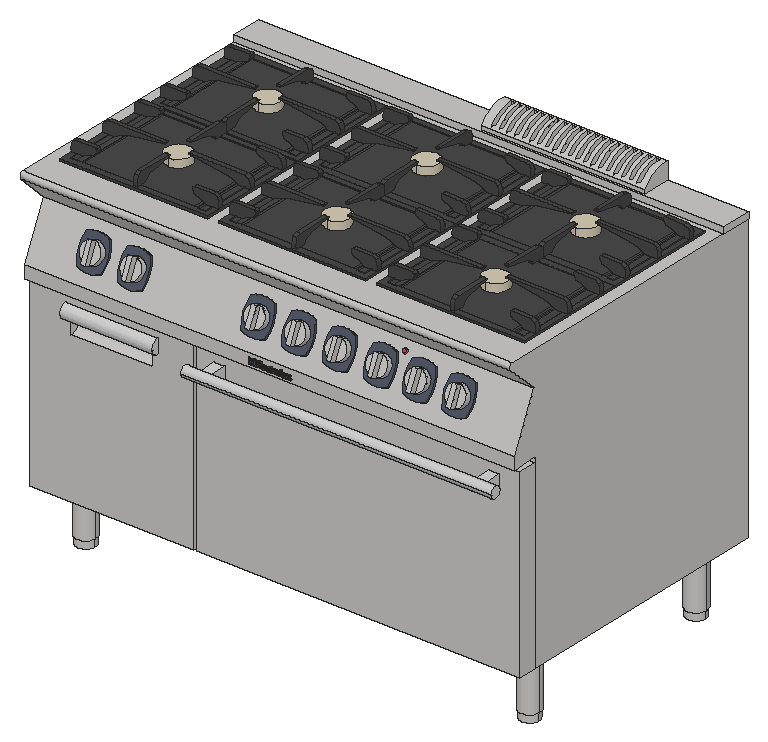
Revit family "QF_ELECTROLUXPROFESSIONAL_371172_E7GCGL6C2A", category Specialty Equipment, Revit 2018 (continued)
Automatic sketch dimensions
  Extrusion 44 sketch curve to Extrusion 44 sketch curve = 0.597 mm
  Extrusion 44 sketch curve to Extrusion 44 sketch curve = 0.544 mm
  Extrusion 44 sketch curve to Extrusion 44 sketch curve = 0.936 mm
  Extrusion 44 sketch curve to Extrusion 44 sketch curve = 0.594 mm
  Extrusion 44 sketch curve to Extrusion 44 sketch curve = 0.343 mm
  Extrusion 44 sketch curve to Extrusion 44 sketch curve = 0.159 mm
  Extrusion 44 sketch curve to Extrusion 44 sketch curve = 0.826 mm
  Extrusion 44 sketch curve to Extrusion 44 sketch curve = 0.839 mm
  Extrusion 44 sketch curve to Extrusion 44 sketch curve = 0.852 mm
  Extrusion 44 sketch curve to Extrusion 44 sketch curve = 0.887 mm
  Extrusion 44 sketch curve to Extrusion 44 sketch curve = 0.928 mm
  Extrusion 44 sketch curve to Extrusion 44 sketch curve = 0.938 mm
  Extrusion 44 sketch curve to Extrusion 44 sketch curve = 0.444 mm
  Extrusion 44 sketch curve to Extrusion 44 sketch curve = 1.11 mm  (x3)
  plane 7 "Center Y" to Extrusion 44 sketch curve = 43.726 mm
  Extrusion 44 sketch curve to Extrusion 44 sketch curve = 0.215 mm
  plane 7 "Center Y" to Extrusion 44 sketch curve = 0.332 mm
  Extrusion 44 sketch curve to Extrusion 44 sketch curve = 1.43 mm
  Extrusion 44 sketch curve to Extrusion 44 sketch curve = 1.188 mm
  Extrusion 44 sketch curve to Extrusion 44 sketch curve = 1.21 mm  (x2)
  Extrusion 44 sketch curve to Extrusion 44 sketch curve = 0.503 mm
  plane 7 "Center Y" to Extrusion 44 sketch curve = 48.995 mm
  Extrusion 44 sketch curve to Extrusion 44 sketch curve = 0.488 mm
  plane 7 "Center Y" to Extrusion 44 sketch curve = 52.922 mm
  Extrusion 44 sketch curve to Extrusion 44 sketch curve = 0.462 mm
  Extrusion 44 sketch curve to Extrusion 44 sketch curve = 1.386 mm
  Extrusion 44 sketch curve to Extrusion 44 sketch curve = 1.742 mm
  Extrusion 44 sketch curve to Extrusion 44 sketch curve = 0.821 mm
  Extrusion 44 sketch curve to Extrusion 44 sketch curve = 0.497 mm
  Extrusion 44 sketch curve to Extrusion 44 sketch curve = 0.539 mm
  Extrusion 44 sketch curve to Extrusion 44 sketch curve = 0.686 mm
  Extrusion 44 sketch curve to plane 7 "Center Y" = 0.042 mm
  Extrusion 44 sketch curve to Extrusion 44 sketch curve = 0.408 mm
  Extrusion 44 sketch curve to Extrusion 44 sketch curve = 0.743 mm
  Extrusion 44 sketch curve to Extrusion 44 sketch curve = 1.16 mm
  Extrusion 44 sketch curve to Extrusion 44 sketch curve = 0.329 mm
  Extrusion 44 sketch curve to Extrusion 44 sketch curve = 1.054 mm
  Extrusion 44 sketch curve to Extrusion 44 sketch curve = 1.056 mm
  Extrusion 44 sketch curve to Extrusion 44 sketch curve = 0.129 mm
  Extrusion 44 sketch curve to Extrusion 44 sketch curve = 0.489 mm
  Extrusion 44 sketch curve to plane 7 "Center Y" = 0.376 mm
  Extrusion 44 sketch curve to Extrusion 44 sketch curve = 0.441 mm
  Extrusion 44 sketch curve to Extrusion 44 sketch curve = 1.151 mm
  Extrusion 44 sketch curve to Extrusion 44 sketch curve = 1.141 mm  (x2)
  Extrusion 44 sketch curve to Extrusion 44 sketch curve = 0.768 mm
  Extrusion 44 sketch curve to Extrusion 44 sketch curve = 1.653 mm
  Extrusion 44 sketch curve to Extrusion 44 sketch curve = 0.499 mm
  Extrusion 44 sketch curve to Extrusion 44 sketch curve = 0.964 mm
  Extrusion 44 sketch curve to Extrusion 44 sketch curve = 0.949 mm
  Extrusion 44 sketch curve to Extrusion 44 sketch curve = 1.345 mm  (x3)
  Extrusion 44 sketch curve to Extrusion 44 sketch curve = 1.101 mm
  Extrusion 44 sketch curve to Extrusion 44 sketch curve = 0.432 mm
  Extrusion 44 sketch curve to Extrusion 44 sketch curve = 1.142 mm
  Extrusion 44 sketch curve to Extrusion 44 sketch curve = 0.959 mm
  Extrusion 44 sketch curve to Extrusion 44 sketch curve = 0.176 mm
  Extrusion 44 sketch curve to Extrusion 44 sketch curve = 0.728 mm
  Extrusion 44 sketch curve to Extrusion 44 sketch curve = 3.375 mm  (x2)
  Extrusion 44 sketch curve to Extrusion 44 sketch curve = 0.541 mm
  Extrusion 44 sketch curve to Extrusion 44 sketch curve = 0.955 mm
  Extrusion 44 sketch curve to Extrusion 44 sketch curve = 1.251 mm
  Extrusion 44 sketch curve to Extrusion 44 sketch curve = 0.572 mm
  plane 7 "Center Y" to Extrusion 44 sketch curve = 47.619 mm
  Extrusion 44 sketch curve to Extrusion 44 sketch curve = 1.92 mm
  Extrusion 44 sketch curve to Extrusion 44 sketch curve = 1.224 mm
  Extrusion 44 sketch curve to Extrusion 44 sketch curve = 0.745 mm
  Extrusion 44 sketch curve to Extrusion 44 sketch curve = 0.036 mm
  Extrusion 44 sketch curve to Extrusion 44 sketch curve = 0.896 mm  (x3)
  Extrusion 44 sketch curve to Extrusion 44 sketch curve = 2.607 mm
  Extrusion 44 sketch curve to Extrusion 44 sketch curve = 0.066 mm
  Extrusion 44 sketch curve to Extrusion 44 sketch curve = 0.248 mm
  Extrusion 44 sketch curve to Extrusion 44 sketch curve = 0.449 mm
  plane 7 "Center Y" to Extrusion 44 sketch curve = 46.838 mm
  Extrusion 44 sketch curve to Extrusion 44 sketch curve = 1.052 mm
  Extrusion 44 sketch curve to Extrusion 44 sketch curve = 1.863 mm
  Extrusion 44 sketch curve to Extrusion 44 sketch curve = 1.31 mm  (x2)
  Extrusion 44 sketch curve to Extrusion 44 sketch curve = 0.901 mm
  Extrusion 44 sketch curve to Extrusion 44 sketch curve = 1.107 mm
  Extrusion 44 sketch curve to Extrusion 44 sketch curve = 2.122 mm
  Extrusion 44 sketch curve to Extrusion 44 sketch curve = 2.101 mm
  Extrusion 44 sketch curve to Extrusion 44 sketch curve = 0.106 mm
  Extrusion 44 sketch curve to Extrusion 44 sketch curve = 0.029 mm
  plane 7 "Center Y" to Extrusion 44 sketch curve = 49.641 mm
  Extrusion 44 sketch curve to Extrusion 44 sketch curve = 2.09 mm
  Extrusion 44 sketch curve to Extrusion 44 sketch curve = 1.279 mm
  Extrusion 44 sketch curve to Extrusion 44 sketch curve = 2.008 mm
  Extrusion 44 sketch curve to Extrusion 44 sketch curve = 0.738 mm
  Extrusion 44 sketch curve to Extrusion 44 sketch curve = 0.382 mm
  Extrusion 44 sketch curve to Extrusion 44 sketch curve = 0.384 mm
  Extrusion 44 sketch curve to Extrusion 44 sketch curve = 0.002 mm
  Extrusion 44 sketch curve to Extrusion 44 sketch curve = 0.561 mm
  Extrusion 44 sketch curve to Extrusion 44 sketch curve = 0.592 mm
  Extrusion 44 sketch curve to Extrusion 44 sketch curve = 2.692 mm
  Extrusion 44 sketch curve to Extrusion 44 sketch curve = 1.259 mm
  plane 7 "Center Y" to Extrusion 44 sketch curve = 48.858 mm
  Extrusion 44 sketch curve to Extrusion 44 sketch curve = 0.802 mm
  Extrusion 44 sketch curve to Extrusion 44 sketch curve = 1.024 mm
  Extrusion 44 sketch curve to Extrusion 44 sketch curve = 0.682 mm
  Extrusion 44 sketch curve to Extrusion 44 sketch curve = 5.934 mm
  Extrusion 44 sketch curve to Extrusion 44 sketch curve = 2.186 mm
  Extrusion 44 sketch curve to Extrusion 44 sketch curve = 0.337 mm
  Extrusion 44 sketch curve to Extrusion 44 sketch curve = 0.021 mm
  Extrusion 44 sketch curve to Extrusion 44 sketch curve = 1.005 mm
  Extrusion 44 sketch curve to Extrusion 44 sketch curve = 0.552 mm
  Extrusion 44 sketch curve to Extrusion 44 sketch curve = 0.778 mm
  Extrusion 44 sketch curve to Extrusion 44 sketch curve = 0.063 mm
  Extrusion 44 sketch curve to Extrusion 44 sketch curve = 1.023 mm
  Extrusion 44 sketch curve to Extrusion 44 sketch curve = 3.804 mm
  Extrusion 44 sketch curve to Extrusion 44 sketch curve = 0.486 mm
  Extrusion 44 sketch curve to Extrusion 44 sketch curve = 0.266 mm
  Extrusion 44 sketch curve to plane 7 "Center Y" = 0.787 mm
  Extrusion 44 sketch curve to Extrusion 44 sketch curve = 1.547 mm
  Extrusion 44 sketch curve to Extrusion 44 sketch curve = 0.717 mm  (x2)
  Extrusion 44 sketch curve to Extrusion 44 sketch curve = 1.667 mm
  plane 7 "Center Y" to Extrusion 44 sketch curve = 44.532 mm
  Extrusion 44 sketch curve to Extrusion 44 sketch curve = 3.174 mm
  plane 7 "Center Y" to Extrusion 44 sketch curve = 0.368 mm
  Extrusion 44 sketch curve to Extrusion 44 sketch curve = 0.388 mm
  Extrusion 44 sketch curve to Extrusion 44 sketch curve = 1.342 mm
  plane 7 "Center Y" to Extrusion 44 sketch curve = 50.135 mm
  Extrusion 44 sketch curve to Extrusion 44 sketch curve = 1.521 mm
  plane 7 "Center Y" to Extrusion 44 sketch curve = 51.694 mm
  Extrusion 44 sketch curve to Extrusion 44 sketch curve = 0.124 mm
  Extrusion 44 sketch curve to Extrusion 44 sketch curve = 0.291 mm
  plane 7 "Center Y" to Extrusion 44 sketch curve = 7.285 mm
  Extrusion 44 sketch curve to Extrusion 44 sketch curve = 1.049 mm  (x2)
  plane 7 "Center Y" to Extrusion 44 sketch curve = 47.668 mm
  Extrusion 44 sketch curve to Extrusion 44 sketch curve = 1.7 mm
  Extrusion 44 sketch curve to Extrusion 44 sketch curve = 0.894 mm
  Extrusion 44 sketch curve to Extrusion 44 sketch curve = 0.989 mm
  Extrusion 44 sketch curve to Extrusion 44 sketch curve = 1.168 mm
  Extrusion 44 sketch curve to Extrusion 44 sketch curve = 1.594 mm
  Extrusion 44 sketch curve to Extrusion 44 sketch curve = 0.731 mm
  Extrusion 44 sketch curve to Extrusion 44 sketch curve = 1.566 mm
  Extrusion 44 sketch curve to Extrusion 44 sketch curve = 0.064 mm
  plane 7 "Center Y" to Extrusion 44 sketch curve = 7.842 mm
  Extrusion 44 sketch curve to Extrusion 44 sketch curve = 0.556 mm
  Extrusion 44 sketch curve to Extrusion 44 sketch curve = 0.48 mm
  Extrusion 44 sketch curve to Extrusion 44 sketch curve = 0.228 mm
  Extrusion 44 sketch curve to Extrusion 44 sketch curve = 1.018 mm
  plane 7 "Center Y" to Extrusion 44 sketch curve = 37.429 mm
  Extrusion 44 sketch curve to Extrusion 44 sketch curve = 0.787 mm
  Extrusion 44 sketch curve to Extrusion 44 sketch curve = 0.618 mm
  plane 7 "Center Y" to Extrusion 44 sketch curve = 42.486 mm
  Extrusion 44 sketch curve to Extrusion 44 sketch curve = 1.672 mm
  plane 7 "Center Y" to Extrusion 44 sketch curve = 53.436 mm
  Extrusion 44 sketch curve to Extrusion 44 sketch curve = 1.361 mm
  Extrusion 44 sketch curve to Extrusion 44 sketch curve = 0.822 mm
  Extrusion 44 sketch curve to Extrusion 44 sketch curve = 0.069 mm
  Extrusion 44 sketch curve to Extrusion 44 sketch curve = 1.88 mm
  plane 7 "Center Y" to Extrusion 44 sketch curve = 35.269 mm
  Extrusion 44 sketch curve to Extrusion 44 sketch curve = 0.42 mm
  Extrusion 44 sketch curve to Extrusion 44 sketch curve = 0.062 mm
  Extrusion 44 sketch curve to Extrusion 44 sketch curve = 1.355 mm
  Extrusion 44 sketch curve to Extrusion 44 sketch curve = 2.34 mm
  Extrusion 44 sketch curve to Extrusion 44 sketch curve = 0.493 mm
  Extrusion 44 sketch curve to Extrusion 44 sketch curve = 0.136 mm
  Extrusion 44 sketch curve to Extrusion 44 sketch curve = 0.128 mm
  Extrusion 44 sketch curve to Extrusion 44 sketch curve = 3.616 mm
  Extrusion 44 sketch curve to Extrusion 44 sketch curve = 4.207 mm
  Extrusion 44 sketch curve to Extrusion 44 sketch curve = 0.183 mm
  Extrusion 44 sketch curve to Extrusion 44 sketch curve = 0.895 mm
  Extrusion 44 sketch curve to Extrusion 44 sketch curve = 1.314 mm
  Extrusion 44 sketch curve to Extrusion 44 sketch curve = 3.231 mm
  Extrusion 44 sketch curve to plane 7 "Center Y" = 23.526 mm
  Extrusion 44 sketch curve to Extrusion 44 sketch curve = 1.299 mm
  Extrusion 44 sketch curve to Extrusion 44 sketch curve = 1.214 mm
  plane 7 "Center Y" to Extrusion 44 sketch curve = 26.369 mm
  Extrusion 44 sketch curve to Extrusion 44 sketch curve = 1.264 mm
  Extrusion 44 sketch curve to Extrusion 44 sketch curve = 0.109 mm
  Extrusion 44 sketch curve to Extrusion 44 sketch curve = 0.357 mm
  Extrusion 44 sketch curve to Extrusion 44 sketch curve = 0.565 mm
  Extrusion 44 sketch curve to Extrusion 44 sketch curve = 2.504 mm
  Extrusion 44 sketch curve to Extrusion 44 sketch curve = 2.459 mm
  Extrusion 44 sketch curve to Extrusion 44 sketch curve = 0.983 mm
  Extrusion 44 sketch curve to Extrusion 44 sketch curve = 0.422 mm  (x2)
  Extrusion 44 sketch curve to Extrusion 44 sketch curve = 1.268 mm
  Extrusion 44 sketch curve to Extrusion 44 sketch curve = 0.671 mm
  Extrusion 44 sketch curve to Extrusion 44 sketch curve = 1.634 mm
  Extrusion 44 sketch curve to Extrusion 44 sketch curve = 0.132 mm
  Extrusion 44 sketch curve to Extrusion 44 sketch curve = 0.586 mm
  Extrusion 44 sketch curve to Extrusion 44 sketch curve = 1.241 mm
  Extrusion 44 sketch curve to Extrusion 44 sketch curve = 1.689 mm
  Extrusion 44 sketch curve to Extrusion 44 sketch curve = 0.627 mm
  Extrusion 44 sketch curve to Extrusion 44 sketch curve = 0.419 mm
  Extrusion 44 sketch curve to Extrusion 44 sketch curve = 1.514 mm
  Extrusion 44 sketch curve to Extrusion 44 sketch curve = 1.019 mm
  Extrusion 44 sketch curve to Extrusion 44 sketch curve = 0.065 mm
  Extrusion 44 sketch curve to Extrusion 44 sketch curve = 1.215 mm
  Extrusion 44 sketch curve to Extrusion 44 sketch curve = 1.122 mm
  Extrusion 44 sketch curve to Extrusion 44 sketch curve = 1.153 mm
  Extrusion 44 sketch curve to Extrusion 44 sketch curve = 1.223 mm
  Extrusion 44 sketch curve to Extrusion 44 sketch curve = 0.934 mm
  Extrusion 44 sketch curve to Extrusion 44 sketch curve = 3.376 mm
  Extrusion 44 sketch curve to Extrusion 44 sketch curve = 0.222 mm
  Extrusion 44 sketch curve to Extrusion 44 sketch curve = 1.383 mm
  Extrusion 44 sketch curve to Extrusion 44 sketch curve = 1.556 mm
  Extrusion 44 sketch curve to Extrusion 44 sketch curve = 2.559 mm
  Extrusion 44 sketch curve to Extrusion 44 sketch curve = 2.51 mm
  Extrusion 44 sketch curve to Extrusion 44 sketch curve = 0.131 mm
  Extrusion 44 sketch curve to Extrusion 44 sketch curve = 1.134 mm
  Extrusion 44 sketch curve to Extrusion 44 sketch curve = 0.094 mm
  Extrusion 44 sketch curve to Extrusion 44 sketch curve = 1.584 mm
  Extrusion 44 sketch curve to Extrusion 44 sketch curve = 0.27 mm
  Extrusion 44 sketch curve to Extrusion 44 sketch curve = 0.916 mm
  Extrusion 44 sketch curve to Extrusion 44 sketch curve = 0.352 mm
  Extrusion 44 sketch curve to Extrusion 44 sketch curve = 0.458 mm
  Extrusion 44 sketch curve to Extrusion 44 sketch curve = 1.282 mm
  Extrusion 44 sketch curve to Extrusion 44 sketch curve = 1.363 mm
  Extrusion 44 sketch curve to Extrusion 44 sketch curve = 0.685 mm
  Extrusion 44 sketch curve to Extrusion 44 sketch curve = 0.905 mm
  Extrusion 44 sketch curve to Extrusion 44 sketch curve = 1.477 mm
  Extrusion 44 sketch curve to Extrusion 44 sketch curve = 0.472 mm
  Extrusion 44 sketch curve to Extrusion 44 sketch curve = 0.101 mm
  Extrusion 44 sketch curve to Extrusion 44 sketch curve = 0.54 mm
  Extrusion 44 sketch curve to Extrusion 44 sketch curve = 0.02 mm
  Extrusion 44 sketch curve to Extrusion 44 sketch curve = 0.829 mm
  Extrusion 44 sketch curve to Extrusion 44 sketch curve = 0.582 mm
  Extrusion 44 sketch curve to Extrusion 44 sketch curve = 0.166 mm
  Extrusion 44 sketch curve to Extrusion 44 sketch curve = 0.16 mm
  Extrusion 44 sketch curve to Extrusion 44 sketch curve = 1.118 mm
  Extrusion 44 sketch curve to Extrusion 44 sketch curve = 0.613 mm
  Extrusion 44 sketch curve to Extrusion 44 sketch curve = 0.781 mm
  Extrusion 44 sketch curve to Extrusion 44 sketch curve = 0.361 mm
  Extrusion 44 sketch curve to Extrusion 44 sketch curve = 0.897 mm
  Extrusion 44 sketch curve to Extrusion 44 sketch curve = 0.167 mm
  Extrusion 44 sketch curve to Extrusion 44 sketch curve = 0.292 mm
  Extrusion 44 sketch curve to Extrusion 44 sketch curve = 0.305 mm
  Extrusion 44 sketch curve to Extrusion 44 sketch curve = 1.557 mm
  Extrusion 44 sketch curve to Extrusion 44 sketch curve = 2.499 mm
  Extrusion 44 sketch curve to Extrusion 44 sketch curve = 3.062 mm
  Extrusion 44 sketch curve to Extrusion 44 sketch curve = 2.968 mm
  Extrusion 44 sketch curve to Extrusion 44 sketch curve = 5.044 mm
  Extrusion 44 sketch curve to Extrusion 44 sketch curve = 0.629 mm  (x2)
  Extrusion 44 sketch curve to Extrusion 44 sketch curve = 1.131 mm
  Extrusion 44 sketch curve to Extrusion 44 sketch curve = 0.137 mm
  Extrusion 44 sketch curve to Extrusion 44 sketch curve = 0.027 mm
  Extrusion 44 sketch curve to Extrusion 44 sketch curve = 2.046 mm
  Extrusion 44 sketch curve to Extrusion 44 sketch curve = 2.235 mm
  radius of Extrusion 8 sketch curve = 6.35 mm
  radius of Extrusion 13 sketch curve = 12.7 mm
  radius of Extrusion 17 sketch curve = 25.4 mm
  radius of Extrusion 18 sketch curve to Extrusion 17 = 0 mm  (x2)
  radius of Extrusion 20 sketch curve = 25.4 mm
  radius of Extrusion 21 sketch curve to Extrusion 20 = 0 mm  (x2)
  radius of Extrusion 23 sketch curve = 25.4 mm
  radius of Extrusion 24 sketch curve to Extrusion 23 = 0 mm  (x2)
  radius of Extrusion 28 sketch curve = 25.4 mm
  radius of Extrusion 29 sketch curve to Extrusion 28 = 0 mm  (x2)
  radius of Extrusion 31 sketch curve = 25.4 mm
  radius of Extrusion 32 sketch curve to Extrusion 31 = 0 mm  (x2)
  radius of Extrusion 34 sketch curve = 25.4 mm
  radius of Extrusion 35 sketch curve to Extrusion 34 = 0 mm  (x2)
  radius of Extrusion 37 sketch curve = 25.4 mm
  radius of Extrusion 38 sketch curve to Extrusion 37 = 0 mm  (x2)
  radius of Extrusion 40 sketch curve = 25.4 mm
  radius of Extrusion 41 sketch curve to Extrusion 40 = 0 mm  (x2)
  radius of Extrusion 42 sketch curve = 5 mm
  radius of Extrusion 43 sketch curve = 3.175 mm
Nested families
  nested 1: "371009_BURNER" at (23.5, -5, 0), type "371009_BURNER"
    with Type Mark "", Status "", Specification by User "", Revision Code "", Item Number "", Installed By "", Identify Quantity as Lot yes, Furnished By "", Foodservice Equipment Identifier yes
  nested 2: "371009_BURNER" at (23.5, -739.127, 0), type "371009_BURNER"
    with Type Mark "", Status "", Specification by User "", Revision Code "", Item Number "", Installed By "", Identify Quantity as Lot yes, Furnished By "", Foodservice Equipment Identifier yes
  nested 3: "371009_BURNER" at (412.5, -5, 0), type "371009_BURNER"
    with Type Mark "", Status "", Specification by User "", Revision Code "", Item Number "", Installed By "", Identify Quantity as Lot yes, Furnished By "", Foodservice Equipment Identifier yes
  nested 4: "371009_BURNER" at (412.5, -739.127, 0), type "371009_BURNER"
    with Type Mark "", Status "", Specification by User "", Revision Code "", Item Number "", Installed By "", Identify Quantity as Lot yes, Furnished By "", Foodservice Equipment Identifier yes
  nested 5: "371009_BURNER" at (1176.5, -5, 0) x (-1, 0, 0) z (0, 0, 1), type "371009_BURNER"
    with Type Mark "", Status "", Specification by User "", Revision Code "", Item Number "", Installed By "", Identify Quantity as Lot yes, Furnished By "", Foodservice Equipment Identifier yes
  nested 6: "371009_BURNER" at (1176.5, -739.127, 0) x (-1, 0, 0) z (0, 0, 1), type "371009_BURNER"
    with Type Mark "", Status "", Specification by User "", Revision Code "", Item Number "", Installed By "", Identify Quantity as Lot yes, Furnished By "", Foodservice Equipment Identifier yes
Connectors
  piping at (1147.613, -464, 141.185), diameter 12.8
    settings: on Extrusion 8, index 1, connector inside diameter 0.50394", connector length 0 mm, flow factor 0, pipe flow 0 GPM, pressure drop 0.00 psi, fitting loss kfactor 0, connector angle 0.00°, fixture units 0, engagement length 0 mm, angle of deflection 0.00°, flow configuration 1, flow direction 1, fitting loss method 0, system type 7, joint type 0, gender type 0, connector reference index -1, connector utility 0, adjustable connector no, is connector primary yes, connector description "Gas Inlet"
  electrical at (1147.613, -514, 148.45), driven by "Volts"
    settings: on Extrusion 43, index 2, voltage 380 V, apparent load 6000 VA, apparent load phase1 0 VA, apparent load phase2 0 VA, apparent load phase3 0 VA, power factor 1, load classification "Other", number of poles 1, system type 30, power factor state 1, is connector primary yes, connector utility no, sub classification motor no, connector description "Electrical Connection"
Definition of nested family "371009_BURNER"
  Parameters
    Weight in Pounds = 0
    URL Cutsheet = ""
    URL = "www.electrolux.com"
    Type Mark [instance] = ""
    Status [instance] = ""
    Specification by User [instance] = ""
    Specification by Manufacturer = ""
    Serial Number = ""
    Seismic Rating = ""
    SMACNA No = ""
    Revision Code [instance] = ""
    Omniclass Number and Title = ""
    NAFEM Spec ID Number = ""
    Model = "371009"
    Masterspec = ""
    Manufacturer = "ELECTROLUX"
    Item Number [instance] = ""
    Installed By [instance] = ""
    Identify Quantity as Lot [instance] = yes
    Furnished By [instance] = ""
    Foodservice Equipment Identifier [instance] = yes
    Description = ""
    CSI MasterFormat = ""
    CSI Master Format = ""
  Reference planes
    plane 1 "BACK": y = 0
    plane 2: z = 0
    plane 3 "LEFT": x = 0
    plane 4 "RIGHT": x = 800
    plane 5 "FRONT": y = -700
    plane 6 "TOP": z = 908.85
    plane 7 "Center Y": x = 400
    plane 8 "Center X": y = -350
    plane 9 "Base": z = 150
    plane 10: z = 850.85
  Forms (mm)
    Extrusion 1, solid
      sketch origin (0, -734.127, 5) x (1, 0, 0) y (0, 0, -1)
        loop
          arc (7.142, -850.85) -> (6.739, -862.989) -> (9.761, -874.752) r 42.809
          line (9.761, -874.752) -> (19.961, -879.425) -> (157.339, -879.425)
          arc (157.339, -879.425) -> (158.533, -878.312) -> (157.506, -877.043) r 1.197
          line (157.506, -877.043) -> (64.848, -864.021)
          arc (64.848, -864.021) -> (50.111, -858.738) -> (36.589, -850.85) r 85.245
          line (36.589, -850.85) -> (7.142, -850.85)
        loop
          line (367.858, -850.85) -> (338.411, -850.85)
          arc (338.411, -850.85) -> (324.889, -858.738) -> (310.152, -864.021) r 85.245
          line (310.152, -864.021) -> (217.494, -877.043)
          arc (217.494, -877.043) -> (216.467, -878.312) -> (217.661, -879.425) r 1.197
          line (217.661, -879.425) -> (355.039, -879.425) -> (365.239, -874.752)
          arc (365.239, -874.752) -> (368.261, -862.989) -> (367.858, -850.85) r 42.809
      from 224.564 to 234.564
    Extrusion 2, solid
      sketch origin (0, -734.127, 5) x (1, 0, 0) y (0, 0, -1)
        loop
          arc (7.056, -850.85) -> (6.705, -862.948) -> (9.748, -874.663) r 42.876
          line (9.748, -874.663) -> (19.961, -879.425) -> (65.851, -879.425)
          arc (65.851, -879.425) -> (68.577, -878.352) -> (69.841, -875.709) r 4
          arc (69.841, -875.709) -> (68.75, -869.25) -> (64.816, -864.012) r 13.87
          arc (64.816, -864.012) -> (50.096, -858.731) -> (36.589, -850.85) r 85.245
          line (36.589, -850.85) -> (7.056, -850.85)
        loop
          line (367.944, -850.85) -> (338.411, -850.85)
          arc (338.411, -850.85) -> (324.904, -858.731) -> (310.184, -864.012) r 85.245
          arc (310.184, -864.012) -> (306.25, -869.25) -> (305.159, -875.709) r 13.87
          arc (305.159, -875.709) -> (306.423, -878.352) -> (309.149, -879.425) r 4
          line (309.149, -879.425) -> (355.039, -879.425) -> (365.252, -874.663)
          arc (365.252, -874.663) -> (368.295, -862.948) -> (367.944, -850.85) r 42.876
      from 127.064 to 137.064
    Extrusion 3, solid
      sketch origin (0, -275, 5) x (1, 0, 0) y (0, 0, 1)
        loop
          arc (64.816, 864.012) -> (68.75, 869.25) -> (69.841, 875.709) r 13.87
          arc (69.841, 875.709) -> (68.577, 878.352) -> (65.851, 879.425) r 4
          line (65.851, 879.425) -> (19.961, 879.425) -> (9.748, 874.663)
          arc (9.748, 874.663) -> (6.705, 862.948) -> (7.056, 850.85) r 42.876
          line (7.056, 850.85) -> (36.589, 850.85)
          arc (36.589, 850.85) -> (50.096, 858.731) -> (64.816, 864.012) r 85.245
        loop
          arc (310.184, 864.012) -> (324.904, 858.731) -> (338.411, 850.85) r 85.245
          line (338.411, 850.85) -> (367.944, 850.85)
          arc (367.944, 850.85) -> (368.295, 862.948) -> (365.252, 874.663) r 42.876
          line (365.252, 874.663) -> (355.039, 879.425) -> (309.149, 879.425)
          arc (309.149, 879.425) -> (306.423, 878.352) -> (305.159, 875.709) r 4
          arc (305.159, 875.709) -> (306.25, 869.25) -> (310.184, 864.012) r 13.87
      from 127.064 to 137.064
    Extrusion 4, solid
      sketch origin (454.964, -29.48, 5) x (0, -1, 0) y (0, 0, 1)
        loop
          arc (366.649, 850.85) -> (375.927, 861.743) -> (389.337, 866.736) r 28.426
          line (389.337, 866.736) -> (441.256, 877.043)
          arc (441.256, 877.043) -> (442.283, 878.312) -> (441.089, 879.425) r 1.197
          line (441.089, 879.425) -> (347.797, 879.425)
          arc (347.797, 879.425) -> (343.211, 875.934) -> (337.583, 874.694) r 13.39
          line (337.583, 874.694) -> (337.583, 850.85) -> (366.649, 850.85)
        loop
          arc (606.236, 850.85) -> (606.587, 862.948) -> (603.543, 874.663) r 42.876
          line (603.543, 874.663) -> (593.33, 879.425) -> (509.077, 879.425)
          arc (509.077, 879.425) -> (507.883, 878.312) -> (508.911, 877.043) r 1.197
          line (508.911, 877.043) -> (560.83, 866.736)
          arc (560.83, 866.736) -> (574.239, 861.743) -> (583.518, 850.85) r 28.426
          line (583.518, 850.85) -> (606.236, 850.85)
      from 262.464 to 272.464
    Extrusion 5, solid
      sketch origin (0, 0, 850.85) x (0, -1, 0) y (1, 0, 0)
        loop
          line (642.216, 6.433) -> (642.216, 368.567) -> (367.857, 368.567) -> (367.857, 6.433) -> (642.216, 6.433)
        loop
          line (382.857, 21.433) -> (627.216, 21.433) -> (627.216, 353.567) -> (382.857, 353.567) -> (382.857, 21.433)
      from 0 to 5
    Extrusion 6, solid
      sketch origin (-12.5, 0, 855.85) x (0, -1, 0) y (1, 0, 0)
        loop
          circle (504.356, 200) r 30
      from -1.321 to 17.134
    Extrusion 7, solid
      sketch origin (0, -734.127, 0) x (1, 0, 0) y (0, 0, -1)
        loop
          line (21.433, -855.85) -> (36.589, -855.85)
          arc (36.589, -855.85) -> (40.561, -855.243) -> (44.305, -853.783) r 18.259
          arc (44.305, -853.783) -> (45.997, -853.366) -> (47.69, -853.783) r 3.649
          arc (47.69, -853.783) -> (49.901, -854.522) -> (52.232, -854.529) r 7.328
          line (52.232, -854.529) -> (322.768, -854.529)
          arc (322.768, -854.529) -> (325.099, -854.522) -> (327.31, -853.783) r 7.328
          arc (327.31, -853.783) -> (329.003, -853.366) -> (330.695, -853.783) r 3.649
          arc (330.695, -853.783) -> (334.439, -855.243) -> (338.411, -855.85) r 18.259
          line (338.411, -855.85) -> (353.567, -855.85) -> (353.567, -850.85) -> (21.433, -850.85) -> (21.433, -855.85)
      from 106.911 to 351.27
  Lines and regions (mm)
    symbolic lines
      curve 1: line (6.433, -642.216, 150) -> (368.567, -642.216, 150)
      curve 2: line (6.433, -367.857, 150) -> (6.433, -642.216, 150)
      curve 3: line (368.567, -367.857, 150) -> (192.5, -367.857, 150)
      curve 4: line (368.567, -642.216, 150) -> (368.567, -367.857, 150)
      curve 5: line (353.567, -382.857, 150) -> (192.5, -382.857, 150)
      curve 6: line (353.567, -627.216, 150) -> (353.567, -607.064, 150)
      curve 7: line (21.433, -627.216, 150) -> (182.5, -627.216, 150)
      curve 8: line (21.433, -382.857, 150) -> (21.433, -402.064, 150)
      curve 9: line (52.232, -627.216, 150) -> (52.232, -607.064, 150)
      curve 10: line (322.567, -382.857, 150) -> (322.567, -402.064, 150)
      curve 11: line (148.125, -499.564, 150) -> (148.125, -382.857, 150)
      curve 12: line (154.375, -382.857, 150) -> (154.375, -499.564, 150)
      curve 13: arc (148.297, -509.564, 150) -> (159.191, -533.254, 150) -> (182.5, -544.942, 150) r 39.375
      curve 14: arc (220.42, -509.564, 150) -> (211.39, -528.832, 150) -> (192.5, -538.631, 150) r 33.125
      curve 15: line (220.625, -382.857, 150) -> (220.625, -499.564, 150)
      curve 16: line (226.875, -499.564, 150) -> (226.875, -382.857, 150)
      curve 17: line (192.5, -636.339, 150) -> (192.5, -535.619, 150)
      curve 18: arc (182.657, -474.75, 150) -> (166.195, -483.236, 150) -> (157.853, -499.771, 150) r 30
      curve 19: arc (192.224, -533.982, 150) -> (208.621, -525.661, 150) -> (217.084, -509.337, 150) r 30
      curve 20: line (368.567, -597.064, 150) -> (305.159, -597.064, 150)
      curve 21: line (6.433, -607.064, 150) -> (69.841, -607.064, 150)
      curve 22: line (6.433, -509.564, 150) -> (156.429, -509.564, 150)
      curve 23: line (368.567, -499.564, 150) -> (218.571, -499.564, 150)
      curve 24: line (6.433, -412.064, 150) -> (69.841, -412.064, 150)
      curve 25: line (368.567, -402.064, 150) -> (305.159, -402.064, 150)
      curve 26: line (69.841, -597.064, 150) -> (6.433, -597.064, 150)
      curve 27: line (305.159, -607.064, 150) -> (368.567, -607.064, 150)
      curve 28: line (69.841, -402.064, 150) -> (6.433, -402.064, 150)
      curve 29: line (305.159, -412.064, 150) -> (368.567, -412.064, 150)
      curve 30: arc (69.841, -597.064, 150) -> (74.841, -602.064, 150) -> (69.841, -607.064, 150) r 5
      curve 31: arc (305.159, -607.064, 150) -> (300.159, -602.064, 150) -> (305.159, -597.064, 150) r 5
      curve 32: arc (69.841, -402.064, 150) -> (74.841, -407.064, 150) -> (69.841, -412.064, 150) r 5
      curve 33: arc (305.159, -412.064, 150) -> (300.159, -407.064, 150) -> (305.159, -402.064, 150) r 5
      curve 34: line (21.433, -412.064, 150) -> (21.433, -499.564, 150)
      curve 35: line (52.232, -402.064, 150) -> (52.232, -382.857, 150)
      curve 36: line (21.433, -509.564, 150) -> (21.433, -597.064, 150)
      curve 37: line (52.232, -499.564, 150) -> (52.232, -412.064, 150)
      curve 38: line (52.232, -597.064, 150) -> (52.232, -509.564, 150)
      curve 39: line (21.433, -607.064, 150) -> (21.433, -627.216, 150)
      curve 40: line (322.567, -607.064, 150) -> (322.567, -627.216, 150)
      curve 41: line (353.567, -597.064, 150) -> (353.567, -509.564, 150)
      curve 42: line (322.567, -509.564, 150) -> (322.567, -597.064, 150)
      curve 43: line (353.567, -499.564, 150) -> (353.567, -412.064, 150)
      curve 44: line (353.567, -402.064, 150) -> (353.567, -382.857, 150)
      curve 45: line (322.567, -412.064, 150) -> (322.567, -499.564, 150)
      curve 46: line (156.429, -499.564, 150) -> (6.433, -499.564, 150)
      curve 47: line (218.571, -509.564, 150) -> (368.567, -509.564, 150)
      curve 48: arc (218.571, -499.564, 150) -> (213.571, -504.564, 150) -> (218.571, -509.564, 150) r 5
      curve 49: arc (156.429, -499.564, 150) -> (161.429, -504.564, 150) -> (156.429, -509.564, 150) r 5
      curve 50: arc (157.916, -509.337, 150) -> (166.379, -525.661, 150) -> (182.776, -533.982, 150) r 30
      curve 51: arc (217.147, -499.771, 150) -> (208.805, -483.236, 150) -> (192.343, -474.75, 150) r 30
      curve 52: line (182.5, -535.619, 150) -> (182.5, -636.339, 150)
      curve 53: line (192.5, -473.508, 150) -> (192.5, -367.064, 150)
      curve 54: arc (192.5, -535.619, 150) -> (187.5, -530.619, 150) -> (182.5, -535.619, 150) r 5
      curve 55: arc (192.5, -473.508, 150) -> (187.5, -478.508, 150) -> (182.5, -473.508, 150) r 5
      curve 56: line (182.5, -367.857, 150) -> (6.433, -367.857, 150)
      curve 57: line (182.5, -382.857, 150) -> (21.433, -382.857, 150)
      curve 58: arc (192.5, -404.571, 150) -> (196.398, -417.071, 150) -> (192.5, -429.571, 150) r 21.993
      curve 59: arc (196.181, -420.148, 150) -> (199.482, -417.071, 150) -> (196.181, -413.995, 150) r 3.084
      curve 60: arc (182.5, -404.571, 150) -> (178.602, -417.071, 150) -> (182.5, -429.571, 150) r 21.993
      curve 61: arc (178.819, -420.148, 150) -> (175.518, -417.071, 150) -> (178.819, -413.995, 150) r 3.084
      curve 62: line (182.5, -367.064, 150) -> (182.5, -473.508, 150)
      curve 63: arc (182.5, -538.631, 150) -> (163.61, -528.832, 150) -> (154.58, -509.564, 150) r 33.125
      curve 64: arc (192.5, -544.942, 150) -> (215.809, -533.254, 150) -> (226.703, -509.564, 150) r 39.375
      curve 65: line (182.5, -636.339, 150) -> (192.5, -636.339, 150)
      curve 66: line (182.5, -377.277, 150) -> (192.5, -377.277, 150)
      curve 67: line (182.5, -367.064, 150) -> (192.5, -367.064, 150)
      curve 68: line (192.5, -627.216, 150) -> (353.567, -627.216, 150)
  Dimensions and locks
    equal spacing: plane 3 "LEFT", plane 7 "Center Y", plane 4 "RIGHT"
    plane 3 "LEFT" to plane 4 "RIGHT" = 800 mm
    equal spacing: plane 5 "FRONT", plane 8 "Center X", plane 1 "BACK"
    plane 5 "FRONT" to plane 1 "BACK" = 700 mm
    plane 6 "TOP" to level = 908.85 mm
    plane 9 "Base" to level = 150 mm
    plane 6 "TOP" to plane 10 = 58 mm  (x2)
    aligned and locked: level to plane 2
  Automatic sketch dimensions
    Extrusion 5 sketch curve to Extrusion 5 sketch curve = 15 mm  (x2)
    Extrusion 5 sketch curve to Extrusion 5 sketch curve = 332.134 mm
    plane 3 "LEFT" to Extrusion 2 sketch curve = 7.056 mm
    plane 3 "LEFT" to Extrusion 2 sketch curve = 9.748 mm
    Extrusion 2 sketch curve to Extrusion 2 sketch curve = 10.213 mm  (x2)
    plane 10 to Extrusion 2 sketch curve = 5 mm  (x2)
    Extrusion 2 sketch curve to Extrusion 2 sketch curve = 29.533 mm
    Extrusion 2 sketch curve to Extrusion 2 sketch curve = 12.72 mm  (x2)
    Extrusion 2 sketch curve to Extrusion 2 sketch curve = 6.697 mm
    Extrusion 2 sketch curve to Extrusion 2 sketch curve = 8.81 mm
    Extrusion 2 sketch curve to Extrusion 2 sketch curve = 9.845 mm  (x2)
    Extrusion 2 sketch curve to Extrusion 2 sketch curve = 3.99 mm  (x2)
    Extrusion 2 sketch curve to Extrusion 2 sketch curve = 0 mm  (x2)
    Extrusion 2 sketch curve to Extrusion 2 sketch curve = 36.813 mm
    Extrusion 2 sketch curve to plane 7 "Center Y" = 111.122 mm
    Extrusion 2 sketch curve to plane 6 "TOP" = 28.141 mm
    Extrusion 2 sketch curve to plane 7 "Center Y" = 94.841 mm
    Extrusion 2 sketch curve to Extrusion 2 sketch curve = 1.035 mm
    Extrusion 2 sketch curve to Extrusion 2 sketch curve = 15.507 mm
    Extrusion 2 sketch curve to Extrusion 2 sketch curve = 16.628 mm
    Extrusion 2 sketch curve to Extrusion 2 sketch curve = 2.692 mm
    Extrusion 2 sketch curve to plane 6 "TOP" = 24.425 mm
    Extrusion 2 sketch curve to Extrusion 2 sketch curve = 28.575 mm
    Extrusion 2 sketch curve to Extrusion 2 sketch curve = 3.716 mm
    Extrusion 2 sketch curve to Extrusion 2 sketch curve = 4.763 mm  (x2)
    plane 3 "LEFT" to Extrusion 1 sketch curve = 7.142 mm
    plane 3 "LEFT" to Extrusion 1 sketch curve = 9.761 mm
    Extrusion 1 sketch curve to Extrusion 1 sketch curve = 10.201 mm  (x2)
    plane 10 to Extrusion 1 sketch curve = 5 mm  (x2)
    Extrusion 1 sketch curve to Extrusion 1 sketch curve = 29.447 mm
    Extrusion 1 sketch curve to Extrusion 1 sketch curve = 12.704 mm  (x2)
    Extrusion 1 sketch curve to Extrusion 1 sketch curve = 15.555 mm  (x2)
    Extrusion 1 sketch curve to Extrusion 1 sketch curve = 36.829 mm
    Extrusion 1 sketch curve to plane 6 "TOP" = 24.425 mm  (x2)
    Extrusion 1 sketch curve to Extrusion 1 sketch curve = 92.491 mm
    Extrusion 1 sketch curve to plane 6 "TOP" = 26.807 mm  (x2)
    Extrusion 1 sketch curve to Extrusion 1 sketch curve = 0.167 mm  (x2)
    Extrusion 1 sketch curve to Extrusion 1 sketch curve = 59.988 mm
    Extrusion 1 sketch curve to plane 7 "Center Y" = 111.122 mm
    plane 10 to Extrusion 1 sketch curve = 18.171 mm
    Extrusion 1 sketch curve to Extrusion 1 sketch curve = 21.274 mm
    Extrusion 1 sketch curve to Extrusion 1 sketch curve = 16.628 mm
    Extrusion 1 sketch curve to Extrusion 1 sketch curve = 2.618 mm
    Extrusion 1 sketch curve to Extrusion 1 sketch curve = 4.673 mm  (x2)
    Extrusion 1 sketch curve to Extrusion 1 sketch curve = 5.694 mm
    plane 3 "LEFT" to Extrusion 3 sketch curve = 7.056 mm
    plane 3 "LEFT" to Extrusion 3 sketch curve = 9.748 mm
    Extrusion 3 sketch curve to Extrusion 3 sketch curve = 10.213 mm  (x2)
    plane 10 to Extrusion 3 sketch curve = 5 mm  (x2)
    Extrusion 3 sketch curve to Extrusion 3 sketch curve = 29.533 mm
    Extrusion 3 sketch curve to Extrusion 3 sketch curve = 12.72 mm  (x2)
    Extrusion 3 sketch curve to Extrusion 3 sketch curve = 6.697 mm
    Extrusion 3 sketch curve to Extrusion 3 sketch curve = 8.81 mm
    Extrusion 3 sketch curve to Extrusion 3 sketch curve = 9.845 mm  (x2)
    Extrusion 3 sketch curve to Extrusion 3 sketch curve = 3.99 mm  (x2)
    Extrusion 3 sketch curve to Extrusion 3 sketch curve = 0 mm  (x2)
    Extrusion 3 sketch curve to Extrusion 3 sketch curve = 36.813 mm
    Extrusion 3 sketch curve to plane 7 "Center Y" = 111.122 mm
    Extrusion 3 sketch curve to plane 6 "TOP" = 28.141 mm
    Extrusion 3 sketch curve to plane 7 "Center Y" = 94.841 mm
    Extrusion 3 sketch curve to Extrusion 3 sketch curve = 1.035 mm
    Extrusion 3 sketch curve to Extrusion 3 sketch curve = 15.507 mm
    Extrusion 3 sketch curve to Extrusion 3 sketch curve = 16.628 mm
    Extrusion 3 sketch curve to Extrusion 3 sketch curve = 2.692 mm
    Extrusion 3 sketch curve to plane 10 = 64.377 mm  (x2)
    plane 10 to Extrusion 3 sketch curve = 12.281 mm  (x2)
    Extrusion 3 sketch curve to Extrusion 3 sketch curve = 10.713 mm
    Extrusion 5 to Extrusion 6 sketch curve = 121.499 mm
    Extrusion 5 to Extrusion 6 sketch curve = 166.067 mm
    plane 3 "LEFT" to Extrusion 5 sketch curve = 21.433 mm
    Extrusion 5 sketch curve to plane 5 "FRONT" = 72.784 mm
    plane 3 "LEFT" to Extrusion 7 sketch curve = 21.433 mm
    Extrusion 7 sketch curve to Extrusion 7 sketch curve = 14.402 mm
    plane 10 to Extrusion 7 sketch curve = 5 mm
    plane 10 to Extrusion 7 sketch curve = 2.933 mm  (x4)
    Extrusion 7 sketch curve to Extrusion 7 sketch curve = 7.716 mm  (x2)
    Extrusion 7 sketch curve to Extrusion 7 sketch curve = 0 mm  (x2)
    Extrusion 7 sketch curve to Extrusion 7 sketch curve = 1.692 mm  (x2)
    Extrusion 7 sketch curve to Extrusion 7 sketch curve = 3.385 mm  (x2)
    Extrusion 7 sketch curve to plane 10 = 3.559 mm  (x2)
    Extrusion 7 sketch curve to Extrusion 7 sketch curve = 302.478 mm
    Extrusion 7 sketch curve to Extrusion 7 sketch curve = 15.253 mm
    Extrusion 7 sketch curve to Extrusion 7 sketch curve = 15.156 mm  (x2)
    Extrusion 7 sketch curve to Extrusion 7 sketch curve = 3.233 mm
    Extrusion 7 sketch curve to plane 10 = 0 mm
    Extrusion 7 sketch curve to plane 7 "Center Y" = 77.232 mm
    Extrusion 5 sketch curve to plane 8 "Center X" = 32.857 mm
    plane 3 "LEFT" to Extrusion 5 sketch curve = 6.433 mm
    plane 1 "BACK" to Extrusion 5 sketch curve = 367.857 mm
    plane 10 to Extrusion 4 sketch curve = 5 mm  (x2)
    Extrusion 4 sketch curve to Extrusion 4 sketch curve = 29.066 mm
    Extrusion 4 sketch curve to Extrusion 4 sketch curve = 22.688 mm
    Extrusion 4 sketch curve to plane 10 = 7.392 mm  (x2)
    Extrusion 4 sketch curve to Extrusion 4 sketch curve = 25.583 mm
    Extrusion 4 sketch curve to plane 6 "TOP" = 24.425 mm  (x2)
    Extrusion 4 sketch curve to Extrusion 4 sketch curve = 51.752 mm
    Extrusion 4 sketch curve to Extrusion 4 sketch curve = 0.167 mm  (x2)
    Extrusion 4 sketch curve to plane 6 "TOP" = 26.807 mm
    Extrusion 4 sketch curve to Extrusion 4 sketch curve = 67.655 mm
    Extrusion 4 sketch curve to Extrusion 4 sketch curve = 49.024 mm
    Extrusion 4 sketch curve to Extrusion 4 sketch curve = 2.895 mm
    Extrusion 4 sketch curve to Extrusion 4 sketch curve = 3.153 mm
    Extrusion 4 sketch curve to Extrusion 4 sketch curve = 19.535 mm
    Extrusion 4 sketch curve to Extrusion 4 sketch curve = 9.813 mm
    Extrusion 4 sketch curve to Extrusion 4 sketch curve = 10.213 mm
    Extrusion 4 sketch curve to Extrusion 4 sketch curve = 22.718 mm
    Extrusion 4 sketch curve to Extrusion 4 sketch curve = 8.605 mm
    Extrusion 4 sketch curve to Extrusion 4 sketch curve = 4.731 mm
    Extrusion 4 sketch curve to Extrusion 4 sketch curve = 2.382 mm
    Extrusion 4 sketch curve to Extrusion 4 sketch curve = 8.658 mm
    Extrusion 4 sketch curve to plane 8 "Center X" = 17.064 mm
    curve 13 to curve 14 = 0 mm  (x2)
    curve 13 to curve 63 = 0 mm  (x2)
    curve 13 to curve 64 = 0 mm  (x2)
    curve 18 to curve 19 = 0 mm  (x2)
    curve 18 to curve 50 = 0 mm  (x2)
    curve 18 to curve 51 = 0 mm  (x2)
    curve 25 to plane 7 "Center Y" = 31.433 mm
    curve 3 to curve 44 = 15 mm
    curve 43 to curve 44 = 0 mm
    curve 1 to curve 68 = 15 mm
    curve 41 to curve 43 = 0 mm
    curve 6 to curve 40 = 31 mm
    curve 41 to curve 42 = 31 mm
    curve 43 to curve 45 = 31 mm
    curve 10 to curve 45 = 0 mm
    curve 40 to curve 27 = 17.408 mm
    curve 45 to curve 29 = 17.408 mm
    curve 16 to curve 64 = 0.172 mm
    curve 16 to curve 15 = 6.25 mm
    curve 64 to curve 14 = 6.283 mm
    curve 15 to curve 23 = 2.054 mm
    curve 23 to curve 51 = 1.424 mm
    curve 47 to curve 19 = 1.487 mm
    curve 15 to curve 60 = 20.029 mm
    curve 60 to curve 59 = 4.198 mm
    curve 59 to curve 59 = 0.216 mm  (x2)
    curve 19 to curve 64 = 24.584 mm
    curve 55 to curve 51 = 0.157 mm
    curve 54 to curve 19 = 0.276 mm
    curve 19 to curve 64 = 4.724 mm
    curve 18 to curve 13 = 0 mm
    curve 54 to curve 54 = 5 mm
    curve 50 to curve 54 = 0.276 mm
    curve 18 to curve 55 = 0.157 mm
    curve 60 to curve 61 = 3.681 mm
    curve 61 to curve 61 = 0 mm
    curve 61 to curve 61 = 0.216 mm
    curve 61 to curve 58 = 4.198 mm
    curve 13 to curve 50 = 29.584 mm
    curve 50 to curve 18 = 0.064 mm
    curve 50 to curve 22 = 1.487 mm
    curve 22 to curve 63 = 1.849 mm
    curve 49 to curve 12 = 2.054 mm
    curve 63 to curve 13 = 6.283 mm
    curve 12 to curve 11 = 6.25 mm
    plane 3 "LEFT" to curve 30 = 69.841 mm
    plane 3 "LEFT" to curve 28 = 69.841 mm
    plane 3 "LEFT" to curve 38 = 52.232 mm
    curve 24 to curve 37 = 17.609 mm
    curve 9 to curve 38 = 0 mm
    curve 28 to curve 35 = 17.609 mm
    plane 3 "LEFT" to curve 39 = 21.433 mm
    plane 3 "LEFT" to curve 8 = 21.433 mm
    curve 34 to curve 8 = 0 mm
    curve 36 to curve 34 = 0 mm
    plane 3 "LEFT" to curve 21 = 6.433 mm
    curve 67 to curve 56 = 0.794 mm
    curve 67 to curve 3 = 0.794 mm
    curve 56 to curve 66 = 9.419 mm
    curve 10 to curve 33 = 19.206 mm
    curve 8 to curve 8 = 19.206 mm
    curve 57 to curve 60 = 21.714 mm
    curve 60 to curve 58 = 0 mm
    curve 28 to curve 32 = 5 mm
    curve 33 to curve 33 = 5 mm
    curve 58 to curve 59 = 9.423 mm
    curve 61 to curve 58 = 3.077 mm
    curve 60 to curve 62 = 43.937 mm
    curve 51 to curve 15 = 24.814 mm
    curve 23 to curve 51 = 0.207 mm
    curve 18 to curve 13 = 1.529 mm
    curve 38 to curve 38 = 87.5 mm
    curve 42 to curve 31 = 87.5 mm
    curve 26 to curve 30 = 5 mm
    curve 31 to curve 31 = 5 mm
    curve 9 to curve 9 = 20.152 mm
    curve 65 to plane 5 "FRONT" = 63.661 mm
    curve 6 to curve 4 = 15 mm
    curve 55 to curve 55 = 5 mm
    curve 53 to curve 18 = 5 mm
    curve 45 to curve 16 = 95.692 mm
    curve 2 to curve 57 = 15 mm
    curve 10 to plane 8 "Center X" = 32.857 mm
    curve 57 to plane 8 "Center X" = 32.857 mm
    curve 6 to curve 68 = 20.152 mm
    radius of Extrusion 6 sketch curve = 30 mm
